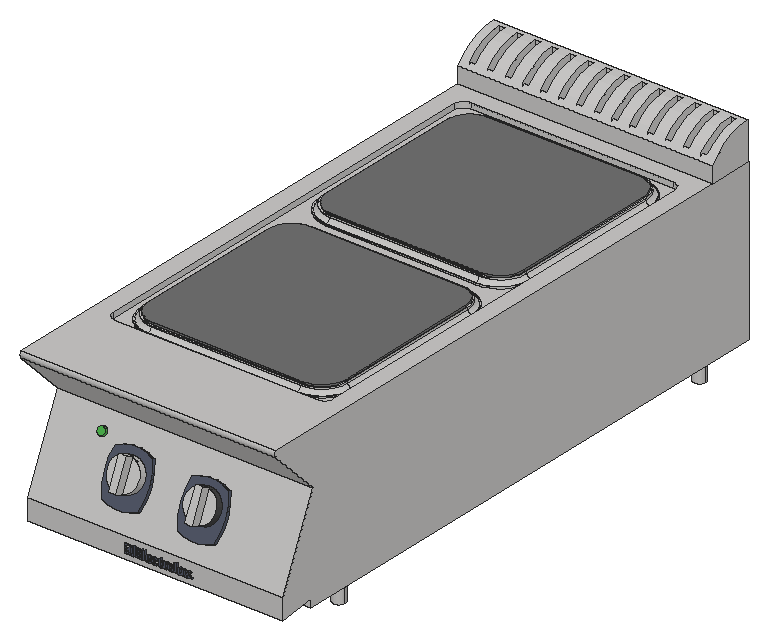
Revit family "QF_ELECTROLUXPROFESSIONAL_391165_E9ECED2Q0N", category Specialty Equipment, Revit 2018 (continued)
Automatic sketch dimensions
  Extrusion 25 sketch curve to Extrusion 25 sketch curve = 0.671 mm
  Extrusion 25 sketch curve to Extrusion 25 sketch curve = 0.777 mm
  Extrusion 25 sketch curve to Extrusion 25 sketch curve = 0.704 mm
  Extrusion 25 sketch curve to Extrusion 25 sketch curve = 0.781 mm  (x2)
  Extrusion 25 sketch curve to Extrusion 25 sketch curve = 1.634 mm
  Extrusion 25 sketch curve to Extrusion 25 sketch curve = 0.132 mm
  Extrusion 25 sketch curve to Extrusion 25 sketch curve = 3.136 mm
  Extrusion 25 sketch curve to Extrusion 25 sketch curve = 2.422 mm
  Extrusion 25 sketch curve to Extrusion 25 sketch curve = 0.586 mm
  Extrusion 25 sketch curve to Extrusion 25 sketch curve = 2.046 mm  (x2)
  Extrusion 25 sketch curve to Extrusion 25 sketch curve = 1.241 mm
  Extrusion 25 sketch curve to Extrusion 25 sketch curve = 1.689 mm
  Extrusion 25 sketch curve to Extrusion 25 sketch curve = 2.859 mm
  Extrusion 25 sketch curve to Extrusion 25 sketch curve = 0.627 mm
  Extrusion 25 sketch curve to Extrusion 25 sketch curve = 0.863 mm
  Extrusion 25 sketch curve to Extrusion 25 sketch curve = 0.419 mm
  Extrusion 25 sketch curve to Extrusion 25 sketch curve = 1.514 mm
  Extrusion 25 sketch curve to Extrusion 25 sketch curve = 1.019 mm
  Extrusion 25 sketch curve to Extrusion 25 sketch curve = 0.065 mm
  Extrusion 25 sketch curve to Extrusion 25 sketch curve = 1.215 mm
  Extrusion 25 sketch curve to Extrusion 25 sketch curve = 2.708 mm
  Extrusion 25 sketch curve to Extrusion 25 sketch curve = 1.122 mm
  Extrusion 25 sketch curve to Extrusion 25 sketch curve = 1.153 mm
  Extrusion 25 sketch curve to Extrusion 25 sketch curve = 3.009 mm
  Extrusion 25 sketch curve to Extrusion 25 sketch curve = 0.829 mm  (x2)
  Extrusion 25 sketch curve to Extrusion 25 sketch curve = 0.934 mm
  Extrusion 25 sketch curve to Extrusion 25 sketch curve = 3.376 mm
  Extrusion 25 sketch curve to Extrusion 25 sketch curve = 0.222 mm
  Extrusion 25 sketch curve to Extrusion 25 sketch curve = 1.383 mm
  Extrusion 25 sketch curve to Extrusion 25 sketch curve = 1.556 mm
  Extrusion 25 sketch curve to Extrusion 25 sketch curve = 2.559 mm
  Extrusion 25 sketch curve to Extrusion 25 sketch curve = 2.51 mm
  Extrusion 25 sketch curve to Extrusion 25 sketch curve = 0.131 mm
  Extrusion 25 sketch curve to Extrusion 25 sketch curve = 1.717 mm
  Extrusion 25 sketch curve to Extrusion 25 sketch curve = 1.134 mm
  Extrusion 25 sketch curve to Extrusion 25 sketch curve = 0.366 mm
  Extrusion 25 sketch curve to Extrusion 25 sketch curve = 0.094 mm
  Extrusion 25 sketch curve to Extrusion 25 sketch curve = 1.584 mm
  Extrusion 25 sketch curve to Extrusion 25 sketch curve = 1.501 mm
  Extrusion 25 sketch curve to Extrusion 25 sketch curve = 0.27 mm
  Extrusion 25 sketch curve to Extrusion 25 sketch curve = 1.808 mm
  Extrusion 25 sketch curve to Extrusion 25 sketch curve = 0.643 mm
  Extrusion 25 sketch curve to Extrusion 25 sketch curve = 0.916 mm
  Extrusion 25 sketch curve to Extrusion 25 sketch curve = 0.352 mm
  Extrusion 25 sketch curve to Extrusion 25 sketch curve = 0.458 mm
  Extrusion 25 sketch curve to Extrusion 25 sketch curve = 1.282 mm
  Extrusion 25 sketch curve to Extrusion 25 sketch curve = 1.363 mm
  Extrusion 25 sketch curve to Extrusion 25 sketch curve = 0.685 mm
  Extrusion 25 sketch curve to Extrusion 25 sketch curve = 0.905 mm
  Extrusion 25 sketch curve to Extrusion 25 sketch curve = 2.865 mm
  Extrusion 25 sketch curve to Extrusion 25 sketch curve = 0.472 mm
  Extrusion 25 sketch curve to Extrusion 25 sketch curve = 0.101 mm
  Extrusion 25 sketch curve to Extrusion 25 sketch curve = 0.54 mm
  Extrusion 25 sketch curve to Extrusion 25 sketch curve = 0.02 mm
  Extrusion 25 sketch curve to Extrusion 25 sketch curve = 0.582 mm
  Extrusion 25 sketch curve to Extrusion 25 sketch curve = 0.166 mm
  Extrusion 25 sketch curve to Extrusion 25 sketch curve = 0.16 mm
  Extrusion 25 sketch curve to Extrusion 25 sketch curve = 2.781 mm
  Extrusion 25 sketch curve to Extrusion 25 sketch curve = 1.118 mm
  Extrusion 25 sketch curve to Extrusion 25 sketch curve = 0.613 mm
  Extrusion 25 sketch curve to Extrusion 25 sketch curve = 0.361 mm
  Extrusion 25 sketch curve to Extrusion 25 sketch curve = 0.897 mm
  Extrusion 25 sketch curve to Extrusion 25 sketch curve = 0.167 mm
  Extrusion 25 sketch curve to Extrusion 25 sketch curve = 0.292 mm
  Extrusion 25 sketch curve to Extrusion 25 sketch curve = 0.305 mm
  Extrusion 25 sketch curve to Extrusion 25 sketch curve = 1.557 mm
  Extrusion 25 sketch curve to Extrusion 25 sketch curve = 2.499 mm
  Extrusion 25 sketch curve to Extrusion 25 sketch curve = 3.062 mm
  Extrusion 25 sketch curve to Extrusion 25 sketch curve = 2.968 mm
  Extrusion 25 sketch curve to Extrusion 25 sketch curve = 5.044 mm
  Extrusion 25 sketch curve to Extrusion 25 sketch curve = 0.629 mm  (x2)
  Extrusion 25 sketch curve to Extrusion 25 sketch curve = 1.131 mm
  Extrusion 25 sketch curve to Extrusion 25 sketch curve = 0.137 mm
  Extrusion 25 sketch curve to Extrusion 25 sketch curve = 0.027 mm
  Extrusion 25 sketch curve to Extrusion 25 sketch curve = 2.235 mm
  Extrusion 1 sketch curve to plane 12 = 0 mm
  Extrusion 1 sketch curve to plane 9 "BASE" = 0 mm
  Extrusion 1 sketch curve to plane 1 "BACK" = 0 mm
  Extrusion 1 sketch curve to plane 5 "FRONT" = 1.799 mm
  plane 9 "BASE" to Extrusion 1 sketch curve = 12.7 mm
  Extrusion 1 sketch curve to plane 12 = 55.977 mm
  Extrusion 1 sketch curve to plane 12 = 58.961 mm
  plane 9 "BASE" to Extrusion 1 sketch curve = 6.789 mm
  Extrusion 1 sketch curve to Extrusion 1 sketch curve = 32.253 mm
  Extrusion 1 sketch curve to plane 10 "TOP A" = 83.191 mm
  Extrusion 1 sketch curve to plane 10 "TOP A" = 9.015 mm
  Extrusion 32 sketch curve to Extrusion 1 = 31.119 mm  (x2)
  Extrusion 32 sketch curve to Extrusion 1 = 33.619 mm  (x2)
  Extrusion 32 sketch curve to Extrusion 32 sketch curve = 12.3 mm  (x6)
  Extrusion 32 sketch curve to Extrusion 32 sketch curve = 34.925 mm  (x3)
  Extrusion 32 sketch curve to Extrusion 32 sketch curve = 2.5 mm
  Extrusion 32 sketch curve to Extrusion 32 sketch curve = 45.146 mm  (x2)
  Extrusion 1 to Extrusion 32 sketch curve = 89.526 mm
  Extrusion 32 sketch curve to Extrusion 32 sketch curve = 25.727 mm  (x2)
  Extrusion 32 sketch curve to Extrusion 32 sketch curve = 25.771 mm  (x2)
  Extrusion 32 sketch curve to Extrusion 32 sketch curve = 28.531 mm  (x2)
  Extrusion 32 sketch curve to Extrusion 32 sketch curve = 11.797 mm
  plane 10 "TOP A" to Extrusion 1 sketch curve = 0 mm
  Extrusion 1 sketch curve to plane 5 "FRONT" = 1.959 mm
  Extrusion 1 sketch curve to plane 10 "TOP A" = 4.587 mm
  plane 5 "FRONT" to curve 3 = 0 mm
  curve 5 to plane 4 "RIGHT" = 0 mm
  curve 69 to plane 4 "RIGHT" = 0 mm
  plane 1 "BACK" to curve 12 = 0 mm
  curve 12 to plane 4 "RIGHT" = 0 mm
  curve 69 to plane 3 "LEFT" = 0 mm
  curve 6 to plane 3 "LEFT" = 0 mm
  curve 4 to plane 3 "LEFT" = 0 mm
  curve 12 to plane 3 "LEFT" = 0 mm
  plane 5 "FRONT" to curve 1 = 0 mm
  plane 4 "RIGHT" to curve 3 = 100.019 mm
  curve 17 to plane 4 "RIGHT" = 13.453 mm
  curve 17 to curve 18 = 9.296 mm
  plane 1 "BACK" to curve 68 = 6.761 mm
  curve 19 to curve 68 = 18.693 mm
  curve 65 to curve 67 = 9.296 mm
  curve 66 to curve 61 = 18.693 mm
  curve 61 to curve 63 = 9.296 mm
  plane 1 "BACK" to curve 60 = 6.761 mm
  curve 63 to curve 60 = 18.693 mm
  curve 57 to curve 59 = 9.296 mm
  plane 1 "BACK" to curve 56 = 6.761 mm
  curve 59 to curve 56 = 18.693 mm
  curve 53 to curve 55 = 9.296 mm
  plane 1 "BACK" to curve 52 = 6.761 mm
  curve 55 to curve 52 = 18.693 mm
  curve 49 to curve 51 = 9.296 mm
  plane 1 "BACK" to curve 48 = 6.761 mm
  plane 7 "Center Y" to curve 48 = 18.642 mm
  curve 45 to curve 47 = 9.296 mm
  curve 41 to plane 7 "Center Y" = 9.346 mm
  curve 41 to curve 44 = 9.296 mm
  plane 1 "BACK" to curve 37 = 6.761 mm
  curve 43 to curve 37 = 18.693 mm
  curve 37 to curve 39 = 9.296 mm
  plane 1 "BACK" to curve 36 = 6.761 mm
  curve 39 to curve 36 = 18.693 mm
  curve 33 to curve 35 = 9.296 mm
  plane 1 "BACK" to curve 32 = 6.761 mm
  curve 35 to curve 32 = 18.693 mm
  curve 29 to curve 31 = 9.296 mm
  plane 1 "BACK" to curve 28 = 6.761 mm
  curve 31 to curve 28 = 18.693 mm
  curve 25 to curve 28 = 9.296 mm
  plane 1 "BACK" to curve 24 = 6.761 mm
  curve 27 to curve 24 = 18.693 mm
  curve 21 to curve 23 = 9.296 mm
  plane 1 "BACK" to curve 16 = 6.761 mm
  curve 23 to curve 16 = 18.693 mm
  curve 13 to curve 14 = 9.296 mm
  curve 1 to plane 3 "LEFT" = 100.019 mm
  curve 1 to plane 1 "BACK" = 100.019 mm
  plane 1 "BACK" to curve 61 = 6.761 mm
  plane 1 "BACK" to curve 17 = 6.761 mm
  plane 1 "BACK" to curve 44 = 6.761 mm
  plane 13 to curve 35 = 18.089 mm
  plane 13 to curve 37 = 18.089 mm
  plane 13 to curve 31 = 18.089 mm
  plane 13 to curve 41 = 18.089 mm
  plane 13 to curve 27 = 18.089 mm
  plane 13 to curve 45 = 18.089 mm
  plane 13 to curve 23 = 18.089 mm
  plane 13 to curve 49 = 18.089 mm
  plane 13 to curve 19 = 18.089 mm
  plane 13 to curve 53 = 18.089 mm
  plane 13 to curve 15 = 18.089 mm
  plane 13 to curve 57 = 18.089 mm
  plane 13 to curve 65 = 18.089 mm
  plane 13 to curve 61 = 18.089 mm
  plane 13 to curve 69 = 12.15 mm
  curve 4 to plane 13 = 116.623 mm
  curve 5 to plane 13 = 116.623 mm
  curve 4 to curve 6 = 69.85 mm
  curve 6 to curve 6 = 50.8 mm
  curve 4 to plane 5 "FRONT" = 0 mm
  curve 70 to plane 13 = 15.534 mm
  plane 3 "LEFT" to curve 70 = 42.5 mm
  curve 70 to curve 70 = 15 mm
  curve 8 to Extrusion 2 = 15 mm  (x2)
  curve 8 to Extrusion 2 = 0 mm
  curve 72 to plane 11 = 8.115 mm
  curve 72 to plane 4 "RIGHT" = 40.249 mm
  curve 71 to plane 13 = 15.534 mm
  curve 71 to plane 4 "RIGHT" = 40.249 mm
  curve 72 to curve 72 = 15 mm
  curve 71 to curve 71 = 15 mm
  curve 73 to plane 11 = 8.115 mm
  plane 3 "LEFT" to curve 73 = 42.5 mm
  curve 73 to curve 73 = 15 mm
  curve 11 to Extrusion 2 = 15 mm  (x2)
  Extrusion 2 to curve 11 = 0 mm
  curve 78 to plane 4 "RIGHT" = 41.275 mm
  curve 79 to curve 80 = 37 mm
  curve 79 to curve 78 = 37 mm
  plane 3 "LEFT" to curve 76 = 86.725 mm
  curve 74 to curve 70 = 44.225 mm
  curve 74 to curve 75 = 37 mm
  curve 81 to plane 13 = 35.419 mm
  plane 8 "Center X" to curve 75 = 75.581 mm
  curve 74 to curve 82 = 0 mm  (x2)
  curve 76 to curve 84 = 0 mm  (x2)
  curve 78 to curve 86 = 0 mm  (x2)
  curve 80 to curve 88 = 0 mm
  curve 86 to curve 79 = 3 mm
  curve 74 to curve 90 = 0 mm  (x2)
  curve 76 to curve 96 = 0 mm  (x2)
  curve 78 to curve 94 = 0 mm  (x2)
  curve 80 to curve 92 = 0 mm
  curve 93 to curve 87 = 6.35 mm
  curve 74 to curve 98 = 0 mm  (x2)
  curve 76 to curve 100 = 0 mm  (x2)
  curve 78 to curve 102 = 0 mm  (x2)
  curve 80 to curve 104 = 0 mm
  curve 103 to curve 93 = 1.714 mm
  curve 110 to plane 4 "RIGHT" = 30.211 mm
  curve 109 to plane 11 = 1.936 mm
  curve 72 to curve 109 = 38.026 mm
  plane 8 "Center X" to curve 112 = 8.064 mm
  curve 112 to curve 101 = 0 mm
  curve 113 to curve 100 = 0 mm
  curve 108 to plane 11 = 50 mm
  curve 108 to curve 73 = 44.225 mm
  curve 106 to curve 114 = 0 mm  (x2)
  curve 108 to curve 120 = 0 mm  (x2)
  curve 110 to curve 118 = 0 mm  (x2)
  curve 112 to curve 116 = 0 mm
  curve 111 to curve 117 = 1.714 mm
  curve 106 to curve 122 = 0 mm  (x2)
  curve 108 to curve 124 = 0 mm  (x2)
  curve 110 to curve 126 = 0 mm  (x2)
  curve 112 to curve 128 = 0 mm
  curve 128 to plane 8 "Center X" = 0 mm
  curve 106 to curve 130 = 0 mm  (x2)
  curve 108 to curve 132 = 0 mm  (x2)
  curve 110 to curve 134 = 0 mm  (x2)
  curve 112 to curve 136 = 0 mm
  curve 127 to curve 135 = 3 mm
  radius of Sweep 21 sketch curve to Extrusion 20 = 0 mm  (x2)
  radius of Sweep 22 sketch curve to Extrusion 20 = 0 mm  (x2)
  radius of Extrusion 23 sketch curve to Extrusion 20 = 3 mm  (x4)
  radius of Extrusion 3 sketch curve = 9.525 mm  (x4)
  radius of Extrusion 26 sketch curve = 25.4 mm
  radius of Extrusion 27 sketch curve to Extrusion 26 = 0 mm  (x2)
  radius of Extrusion 28 sketch curve = 25.4 mm
  radius of Extrusion 29 sketch curve to Extrusion 28 = 0 mm  (x2)
  radius of Extrusion 24 sketch curve = 6.35 mm
  radius of Extrusion 30 sketch curve = 12.7 mm
  radius of Extrusion 31 sketch curve = 12.7 mm
Connectors
  electrical at (339, -583, 11.3), driven by "Volts", driven by "Watts"
    settings: on Extrusion 31, index 1, voltage 230 V, apparent load 8000 VA, apparent load phase1 0 VA, apparent load phase2 0 VA, apparent load phase3 0 VA, power factor 1, load classification "Other", number of poles 1, system type 30, power factor state 1, is connector primary yes, connector utility no, sub classification motor no, connector description "ELECTRICAL CONNECTION"
